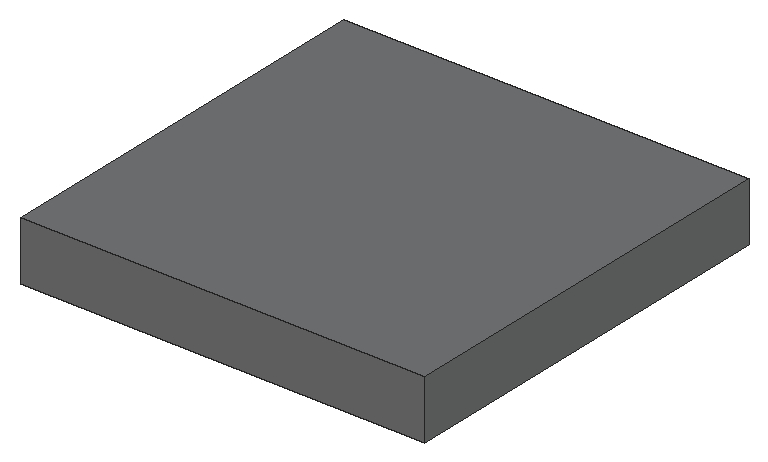
Revit family "Gira_536626", category Electrical Fixtures, host Face, Revit 2017
Family settings
  Host = Face
  Maintain Annotation Orientation = No
  Round Connector Dimension = Use Diameter
  Part Type = Normal
  Cut with Voids When Loaded = No
  Shared = No
  Room Calculation Point = No
Parameters (values of type "S3000 Jal.- + Schaltuhr Display System 55 F Alu")
  Werkstoffgüte = "sonstige"
  Werkstoff = "sonstige"
  URL = "http://katalog.gira.de/de_DE/datenblatt.html?artikelnr=536626"
  Transparent = "No"
  Region = "DE"
  Oberfläche = "sonstige"
  Name = "S3000 Jal.- + Schaltuhr Display System 55 F Alu"
  Mit LED-Anzeige = "Yes"
  Mit Abdeckung = "Yes"
  Manufacturer URL = "https://www.gira.de/"
  Keynote = "Sys55_Abdeckung_Schalten und Tasten"
  HeinzeBIM = "https://bimportal.heinze.de/bim/s3000-jal-schaltuhr-display-system-55-f-alu/422f944bcbf9bed39023c97539b181441ca998c8"
  Halogenfrei = "No"
  HAN = "536626"
  Geeignet für Schalteinsatz = "No"
  Geeignet für Jalousieeinsatz = "Yes"
  Geeignet für Dimmeinsatz = "No"
  GTIN = "4010337027454"
  Farbe = "aluminium"
  Default Elevation = 1219.2 mm
  Data sheet (1) = "https://katalog.gira.de/de_DE/download.html?artikelnr=536626"
  Category = "Bedienelement intelligent"
  Available = "Yes"
  Ausführung der Oberfläche = "nicht zutreffend"
  Anzahl der Tasten = "2 "
  Anzahl der Betätigungspunkte = "4 "
  Anwendung = "Steuern elektrischer Verbraucher"
  Anthrazit [instance] = Anthrazit
Reference planes
  plane 1 "Center (Front/Back)": y = 0
  plane 2: z = 0
  plane 3 "Center (Left/Right)": x = 0
Forms (mm)
  Extrusion 1, solid, material "Anthrazit" <- "Anthrazit", detail levels fine
    sketch origin (0, 0, 0) x (1, 0, 0) y (0, 1, 0)
      loop
        line (-27.5, 27.5) -> (-27.5, -27.5) -> (27.5, -27.5) -> (27.5, 27.5) -> (-27.5, 27.5)
    from 0 to 8
  Extrusion 2, void
    sketch origin (0, 0, 0) x (1, 0, 0) y (0, 1, 0)
      loop
        line (26, 26) -> (-26, 26) -> (-26, -26) -> (26, -26) -> (26, 26)
    from 0 to 6
  Extrusion 3, solid, material "Anthrazit" <- "Anthrazit", detail levels medium
    sketch origin (0, 0, 0) x (1, 0, 0) y (0, 1, 0)
      loop
        line (-27.5, 27.5) -> (-27.5, -27.5) -> (27.5, -27.5) -> (27.5, 27.5) -> (-27.5, 27.5)
    from 0 to 8
  Extrusion 4, solid, material "Anthrazit" <- "Anthrazit", detail levels medium
    sketch origin (0, 0, 0) x (1, 0, 0) y (0, 1, 0)
      loop
        line (11, -17.5) -> (11, 17.5) -> (-11, 17.5) -> (-11, -17.5) -> (11, -17.5)
    from -6 to 6
  Extrusion 5, solid, material "Anthrazit" <- "Anthrazit", detail levels fine
    sketch origin (0, 0, 0) x (1, 0, 0) y (0, 1, 0)
      loop
        line (11, 17.5) -> (-11, 17.5) -> (-11, 16.5) -> (11, 16.5) -> (11, 17.5)
      loop
        line (-11, -16.5) -> (-11, -17.5) -> (11, -17.5) -> (11, -16.5) -> (-11, -16.5)
    from -4 to 6
  Extrusion 6, solid, material "Anthrazit" <- "Anthrazit", detail levels fine
    sketch origin (0, 0, 0) x (1, 0, 0) y (0, 1, 0)
      loop
        arc (5, 9.347) -> (0, 10.6) -> (-5, 9.347) r 10.6
        line (-5, 9.347) -> (-5, -9.347)
        arc (-5, -9.347) -> (0, -10.6) -> (5, -9.347) r 10.6
        line (5, -9.347) -> (5, 9.347)
    from -6 to 6
  Extrusion 7, solid, material "Anthrazit" <- "Anthrazit", detail levels coarse
    sketch origin (0, 0, 0) x (1, 0, 0) y (0, 1, 0)
      loop
        line (-27.5, 27.5) -> (-27.5, -27.5) -> (27.5, -27.5) -> (27.5, 27.5) -> (-27.5, 27.5)
    from -6 to 8
Cuts and joins
  Extrusion 2 cuts Extrusion 1
Dimensions and locks
  aligned and locked: plane 2 to host face
  aligned and locked: level to host face
